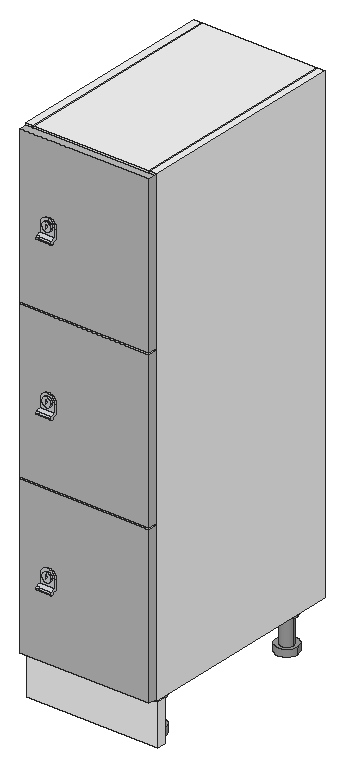
Revit family "1180H Locker Standard Door", category Casework, Revit 2016
Family settings
  OmniClass Number = 23.40.35.00
  OmniClass Title = Casework
  Work Plane-Based = No
  Always vertical = Yes
  Cut with Voids When Loaded = No
  Shared = No
  Room Calculation Point = No
Parameters (values of type "LW311S3ABNP")
  WarrantyGuarantorParts = "www.bisley.com"  # constant formula
  WarrantyGuarantorLabour = "www.bisley.com"  # constant formula
  WarrantyDurationUnit = "Years"  # constant formula
  WarrantyDurationParts = "5"  # constant formula
  WarrantyDurationLabour = "5"  # constant formula
  WarrantyDescription = "5 Years Parts & Labour"  # constant formula
  Uniclass2015Version = "3.1"  # constant formula
  Uniclass2015Title = "Lockers"  # constant formula
  Uniclass2015Code = "Pr_40_30_78_48"  # constant formula
  URL = "www.bisley.com"
  SustainabilityPerformance = "FSC Approved"  # constant formula
  SerialNumber = ""
  NominalWidth = Width  # 300 mm
  NominalLength = Depth  # 500 mm
  NominalHeight = Height  # 1180 mm
  Name = "1180H Standard Door"  # constant formula
  NBSReference = "45-35-80/380"  # constant formula
  NBSDescription = "General fittings, furnishings and equipment system"  # constant formula
  ModelReference = "LW311S3ABNP"
  Model = "Lockerwall"  # constant formula
  Material = "MFC"  # constant formula
  ManufacturerURL = "www.bisley.com"  # constant formula
  Manufacturer = "Bisley"  # constant formula
  ManufactureName = "Bisley"  # constant formula
  M3 Lock = no
  Foot [instance] = Foot 100 : Foot 100
  Finish = "Matt"  # constant formula
  E4 Lock = no
  DurationUnit = "Years"  # constant formula
  Depth = 500 mm
  Height = 1180 mm
  Width = 300 mm
  Carcass Material = "MFC"  # constant formula
  Author = "Bisley"  # constant formula
  AssetType = "Fixed"  # constant formula
  AB Lock = yes
Types (19, lengths in mm): name | NominalWidth | ModelReference | M3 Lock | E4 Lock | Width | AB Lock
  (no name) | 300 | "LW311S3ABNP" | no | no | 300 | yes
  LW311S3ABNP | 300 | "LW311S3ABNP" | no | no | 300 | yes
  LW311S3ABUK | 300 | "LW311S3ABUK" | no | no | 300 | yes
  LW311S3E4NP | 300 | "LW311S3E4NP" | no | yes | 300 | no
  LW311S3E4UK | 300 | "LW311S3E4UK" | no | yes | 300 | no
  LW311S3M3NP | 300 | "LW311S3M3NP" | yes | no | 300 | no
  LW311S3M3UK | 300 | "LW311S3M3UK" | yes | no | 300 | no
  LW411S3ABNP | 400 | "LW411S3ABNP" | no | no | 400 | yes
  LW411S3ABUK | 400 | "LW411S3ABUK" | no | no | 400 | yes
  LW411S3E4NP | 400 | "LW411S3E4NP" | no | yes | 400 | no
  LW411S3E4UK | 400 | "LW411S3E4UK" | no | yes | 400 | no
  LW411S3M3NP | 400 | "LW411S3M3NP" | yes | no | 400 | no
  LW411S3M3UK | 400 | "LW411S3M3UK" | yes | no | 400 | no
  LW511S3ABNP | 500 | "LW511S3ABNP" | no | no | 500 | yes
  LW511S3ABUK | 500 | "LW511S3ABUK" | no | no | 500 | yes
  LW511S3E4NP | 500 | "LW511S3E4NP" | no | yes | 500 | no
  LW511S3E4UK | 500 | "LW511S3E4UK" | no | yes | 500 | no
  LW511S3M3NP | 500 | "LW511S3M3NP" | yes | no | 500 | no
  LW511S3M3UK | 500 | "LW511S3M3UK" | yes | no | 500 | no
Reference planes
  plane 1 "Back": y = 0
  plane 2: z = 0
  plane 3 "Center (Left/Right)": x = 44.7
  plane 4 "Front": y = -500
  plane 5 "Left": x = -105.3
  plane 6 "Right": x = 194.7
  plane 7 "Top": z = 1180
  plane 8 "Base": z = 98
  plane 9 "Base Left": x = -87.3
  plane 10 "Base Right": x = 176.7
  plane 11: y = -482
  plane 12: y = -10.5
  plane 13: y = -29.5
  plane 14 "Back Base": z = 110.5
  plane 15: z = 1167.5
  plane 16: z = 95
  plane 17 "Plinth": y = -477
  plane 18: y = -459
  plane 19: z = 101
  plane 20: z = 457
  plane 21: z = 461
  plane 22: z = 817
  plane 23: z = 821
  plane 24: z = 1177
  plane 25: x = -103.3
  plane 26: x = 192.7
  plane 27 "Shelf 2": z = 810
  plane 28 "Shelf 1": z = 450
Forms (mm)
  Extrusion 1, solid, not visible
    sketch origin (-1691.73, 346.204, -12) x (1, 0, 0) y (0, 0, 1)
      loop
        line (48, 12) -> (56, 12) -> (56, 20) -> (48, 20) -> (48, 12)
    from 0 to 26
  Extrusion 2, solid, not visible
    sketch origin (-1683.73, 346.204, -12) x (-1, 0, 0) y (0, 0, -1)
      loop
        line (48, -12) -> (48, -20) -> (56, -20) -> (56, -12) -> (48, -12)
    from 0 to 26
  Extrusion 3, solid, not visible
    sketch origin (-1687.73, 350.204, -3.997) x (0, 1, 0) y (0, 0, 1)
      loop
        line (-26, 3.997) -> (-26, 11.997) -> (-34, 11.997) -> (-34, 3.997) -> (-26, 3.997)
    from -52 to 52
  Extrusion 4, solid, material "MFC 1"
    sketch origin (0, 0, 0) x (1, 0, 0) y (0, 1, 0)
      loop
        line (-105.3, -482) -> (-87.3, -482) -> (-87.3, 0) -> (-105.3, 0) -> (-105.3, -482)
    from 98 to 1180
  Extrusion 5, solid, material "MFC 1"
    sketch origin (0, 0, 98) x (-1, 0, 0) y (0, -1, 0)
      loop
        line (-176.7, 482) -> (-194.7, 482) -> (-194.7, 0) -> (-176.7, 0) -> (-176.7, 482)
    from 0 to 1082
  Extrusion 6, solid, material "MFC 1"
    sketch origin (0, 0, 98) x (-1, 0, 0) y (0, -1, 0)
      loop
        line (87.3, 482) -> (-176.7, 482) -> (-176.7, 0) -> (87.3, 0) -> (87.3, 482)
    from 0 to 18
  Extrusion 7, void
    sketch origin (176.7, 0, 0) x (0, 1, 0) y (0, 0, 1)
      loop
        line (-29.5, 110.5) -> (-10.5, 110.5) -> (-10.5, 116) -> (-29.5, 116) -> (-29.5, 110.5)
    from 0 to -264
  Extrusion 8, solid, material "MFC 1"
    sketch origin (0, 0, 1180) x (0, -1, 0) y (1, 0, 0)
      loop
        line (482, -87.3) -> (482, 176.7) -> (0, 176.7) -> (0, -87.3) -> (482, -87.3)
    from 0 to -15.5
  Extrusion 9, void
    sketch origin (176.7, 0, 0) x (0, 1, 0) y (0, 0, 1)
      loop
        line (-29.5, 1164.5) -> (-10.5, 1164.5) -> (-10.5, 1167.5) -> (-29.5, 1167.5) -> (-29.5, 1164.5)
    from 0 to -264
  Extrusion 10, solid, material "MFC 1"
    sketch origin (0, 0, 110.5) x (0, -1, 0) y (1, 0, 0)
      loop
        line (29.5, -87.3) -> (29.5, 176.7) -> (10.5, 176.7) -> (10.5, -87.3) -> (29.5, -87.3)
    from 0 to 1057
  Extrusion 11, solid, material "MFC 1"
    sketch origin (0, 0, 0) x (1, 0, 0) y (0, 1, 0)
      loop
        line (-105.3, -477) -> (194.7, -477) -> (194.7, -459) -> (-105.3, -459) -> (-105.3, -477)
    from 0 to 95
  Extrusion 12, solid, material "MFC 2"
    sketch origin (0, -500, 0) x (1, 0, 0) y (0, 0, 1)
      loop
        line (-103.3, 821) -> (192.7, 821) -> (192.7, 1177) -> (-103.3, 1177) -> (-103.3, 821)
    from 0 to -18
  Extrusion 13, solid, material "MFC 2"
    sketch origin (0, -500, 0) x (1, 0, 0) y (0, 0, 1)
      loop
        line (-103.3, 461) -> (192.7, 461) -> (192.7, 817) -> (-103.3, 817) -> (-103.3, 461)
    from 0 to -18
  Extrusion 14, solid, material "MFC 2"
    sketch origin (0, -500, 0) x (1, 0, 0) y (0, 0, 1)
      loop
        line (-103.3, 101) -> (192.7, 101) -> (192.7, 457) -> (-103.3, 457) -> (-103.3, 101)
    from 0 to -18
  Extrusion 15, solid, material "MFC 1"
    sketch origin (0, 0, 450) x (-1, 0, 0) y (0, -1, 0)
      loop
        line (87.3, 482) -> (-176.7, 482) -> (-176.7, 29.5) -> (87.3, 29.5) -> (87.3, 482)
    from 0 to 18
  Extrusion 16, solid, material "MFC 1"
    sketch origin (0, 0, 810) x (-1, 0, 0) y (0, -1, 0)
      loop
        line (87.3, 482) -> (-176.7, 482) -> (-176.7, 29.5) -> (87.3, 29.5) -> (87.3, 482)
    from 0 to 18
Cuts and joins
  Extrusion 7, Extrusion 9 cuts Extrusion 5
  Extrusion 7 cuts Extrusion 6
  Extrusion 9 cuts Extrusion 4
  Extrusion 9 cuts Extrusion 8
Dimensions and locks
  "Width": plane 6 "Right" to plane 5 "Left"
  equal spacing: plane 6 "Right", plane 3 "Center (Left/Right)", plane 5 "Left"
  "Depth": plane 4 "Front" to plane 1 "Back"
  "Height": level to plane 7 "Top"
  locked: plane 5 "Left" to plane 9 "Base Left" at 18
  locked: plane 10 "Base Right" to plane 6 "Right" at 18
  locked: plane 7 "Top" to plane 15 at 12.5
  Extrusion 10 to plane 1 "Back" = 10.5 mm
  locked: nested 1 to plane 6 "Right" at 68
  locked: nested 2 to plane 6 "Right" at 68
  locked: plane 1 "Back" to nested 3 at 79.5
  locked: plane 11 to plane 4 "Front" at 18
  locked: plane 17 "Plinth" to plane 4 "Front" at 23
  locked: plane 18 to plane 4 "Front" at 41
  locked: nested 1 to plane 4 "Front" at 91
  locked: plane 5 "Left" to nested 4 at 68
  locked: plane 5 "Left" to nested 3 at 68
  locked: plane 4 "Front" to nested 4 at 91
  locked: plane 6 "Right" to plane 26 at 2
  locked: plane 25 to plane 5 "Left" at 2
  locked: plane 5 "Left" to nested 7 at 51
  locked: plane 5 "Left" to nested 6 at 51
  locked: plane 5 "Left" to nested 5 at 51
  locked: plane 5 "Left" to nested 10 at 40.5
  locked: plane 5 "Left" to nested 9 at 40.5
  locked: plane 5 "Left" to nested 8 at 40.5
  locked: plane 5 "Left" to nested 13 at 54.3
  locked: plane 5 "Left" to nested 12 at 54.3
  locked: plane 5 "Left" to nested 11 at 54.3
  aligned and locked: level to plane 2
  aligned and locked: Extrusion 4 sketch curve to plane 11
  aligned and locked: Extrusion 4 sketch curve to plane 5 "Left"
  aligned and locked: Extrusion 4 sketch curve to plane 1 "Back"
  aligned and locked: plane 9 "Base Left" to Extrusion 4 sketch curve
  aligned and locked: Extrusion 4 to plane 8 "Base"
  aligned and locked: Extrusion 4 to plane 7 "Top"
  aligned and locked: Extrusion 5 sketch curve to plane 11
  aligned and locked: Extrusion 5 sketch curve to plane 10 "Base Right"
  aligned and locked: Extrusion 5 sketch curve to plane 1 "Back"
  aligned and locked: plane 6 "Right" to Extrusion 5 sketch curve
  aligned and locked: Extrusion 5 to plane 7 "Top"
  aligned and locked: Extrusion 5 to plane 8 "Base"
  aligned and locked: Extrusion 4 to Extrusion 6 sketch curve
  aligned and locked: Extrusion 6 sketch curve to Extrusion 4
  aligned and locked: Extrusion 5 to Extrusion 6 sketch curve
  aligned and locked: Extrusion 6 sketch curve to Extrusion 5
  aligned and locked: plane 6 "Right" to Extrusion 5
  aligned and locked: Extrusion 7 to plane 9 "Base Left"
  aligned and locked: plane 10 "Base Right" to Extrusion 7
  aligned and locked: Extrusion 8 sketch curve to cut or joined group of Extrusion 6, Extrusion 7  (x2)
  aligned and locked: Extrusion 8 sketch curve to Extrusion 4
  aligned and locked: Extrusion 8 sketch curve to cut or joined group of Extrusion 5, Extrusion 7, Extrusion 9
  aligned and locked: plane 15 to Extrusion 9 sketch curve
  aligned and locked: Extrusion 10 sketch curve to cut or joined group of Extrusion 6, Extrusion 7  (x2)
  aligned and locked: cut or joined group of Extrusion 6, Extrusion 7 to Extrusion 10 sketch curve  (x2)
  aligned and locked: Extrusion 10 to plane 14 "Back Base"
  aligned and locked: plane 15 to Extrusion 10
  aligned and locked: Extrusion 9 to plane 9 "Base Left"
  aligned and locked: Extrusion 11 sketch curve to plane 17 "Plinth"
  aligned and locked: Extrusion 11 sketch curve to plane 5 "Left"
  aligned and locked: plane 18 to Extrusion 11 sketch curve
  aligned and locked: plane 6 "Right" to Extrusion 11 sketch curve
  aligned and locked: Extrusion 11 to plane 5 "Left"
  aligned and locked: plane 6 "Right" to Extrusion 11
  aligned and locked: Extrusion 5 to plane 11
  aligned and locked: Extrusion 4 to plane 11
  aligned and locked: Extrusion 12 to plane 25
  aligned and locked: plane 26 to Extrusion 12
  aligned and locked: Extrusion 12 to plane 23
  aligned and locked: plane 24 to Extrusion 12
  aligned and locked: Extrusion 13 sketch curve to plane 21
  aligned and locked: Extrusion 13 sketch curve to plane 25
  aligned and locked: plane 22 to Extrusion 13 sketch curve
  aligned and locked: plane 26 to Extrusion 13 sketch curve
  aligned and locked: Extrusion 14 sketch curve to plane 19
  aligned and locked: Extrusion 14 sketch curve to plane 25
  aligned and locked: plane 20 to Extrusion 14 sketch curve
  aligned and locked: plane 26 to Extrusion 14 sketch curve
  aligned and locked: Extrusion 15 sketch curve to cut or joined group of Extrusion 6, Extrusion 7  (x2)
  aligned and locked: cut or joined group of Extrusion 6, Extrusion 7 to Extrusion 15 sketch curve
  aligned and locked: nested 2 to Extrusion 15 sketch curve
  aligned and locked: Extrusion 16 sketch curve to cut or joined group of Extrusion 6, Extrusion 7  (x2)
  aligned and locked: cut or joined group of Extrusion 6, Extrusion 7 to Extrusion 16 sketch curve
  aligned and locked: nested 2 to Extrusion 16 sketch curve
Automatic sketch dimensions
  Extrusion 1 sketch curve to Extrusion 1 sketch curve = 8 mm  (x2)
  Extrusion 2 sketch curve to Extrusion 2 sketch curve = 8 mm  (x2)
  Extrusion 3 sketch curve to Extrusion 3 sketch curve = 8 mm  (x2)
  Extrusion 7 sketch curve to plane 13 = 0 mm
  Extrusion 7 sketch curve to plane 12 = 0 mm
  Extrusion 7 sketch curve to plane 14 "Back Base" = 0 mm
  Extrusion 7 sketch curve to Extrusion 7 sketch curve = 5.5 mm
  Extrusion 9 sketch curve to plane 13 = 0 mm
  Extrusion 9 sketch curve to plane 12 = 0 mm
  Extrusion 9 sketch curve to Extrusion 9 sketch curve = 3 mm
  plane 24 to Extrusion 12 sketch curve = 0 mm
  Extrusion 12 sketch curve to plane 25 = 0 mm
  plane 26 to Extrusion 12 sketch curve = 0 mm
  Extrusion 12 sketch curve to plane 23 = 0 mm
Nested families
  nested 1: "Foot 100" at (196.401, -409, 0) x (-1, 0, 0) z (0, 0, 1), type "Foot 100"
  nested 2: "Foot 100" at (196.401, -29.5, 0) x (-1, 0, 0) z (0, 0, 1), type "Foot 100"
  nested 3: "Foot 100" at (-107, -29.5, 0), type "Foot 100"
  nested 4: "Foot 100" at (-107, -409, 0), type "Foot 100"
  nested 5: "AB Lock" at (-82, -500, 253), visible <- "AB Lock", type "AB Lock"
  nested 6: "AB Lock" at (-82, -500, 613), visible <- "AB Lock", type "AB Lock"
  nested 7: "AB Lock" at (-82, -500, 973), visible <- "AB Lock", type "AB Lock"
  nested 8: "M3 Lock" at (-93, -500, 256), visible <- "M3 Lock", type "M3 Lock"
  nested 9: "M3 Lock" at (-93, -500, 616), visible <- "M3 Lock", type "M3 Lock"
  nested 10: "M3 Lock" at (-93, -500, 976), visible <- "M3 Lock", type "M3 Lock"
  nested 11: "E4 Lock" at (-83, -500, 265), visible <- "E4 Lock", type "E4 Lock"
  nested 12: "E4 Lock" at (-83, -500, 625), visible <- "E4 Lock", type "E4 Lock"
  nested 13: "E4 Lock" at (-83, -500, 985), visible <- "E4 Lock", type "E4 Lock"
Definition of nested family "Foot 100"
  Parameters (values of type "Foot 100")
    WarrantyGuarantorParts = "www.bisley.com"  # constant formula
    WarrantyGuarantorLabour = "www.bisley.com"  # constant formula
    WarrantyDurationUnit = "Years"  # constant formula
    WarrantyDurationParts = "5"  # constant formula
    WarrantyDurationLabour = "5"  # constant formula
    WarrantyDescription = "5 Years Parts & Labour"  # constant formula
    Uniclass2015Version = ""
    Uniclass2015Title = ""
    Uniclass2015Code = ""
    URL = "www.bisley.com"
    SustainabilityPerformance = "FSC Approved"  # constant formula
    SerialNumber = ""
    NominalWidth = Width  # 50 mm
    NominalLength = Depth  # 50 mm
    NominalHeight = Height  # 900 mm
    Name = ""
    NBSReference = ""
    NBSDescription = "General fittings, furnishings and equipment system"  # constant formula
    ModelReference = ""
    Model = "Abode"  # constant formula
    Material = "MFC"  # constant formula
    ManufacturerURL = "www.bisley.com"  # constant formula
    Manufacturer = "Bisley"  # constant formula
    ManufactureName = "Bisley"  # constant formula
    Finish = "Matt"  # constant formula
    ExpectedLife = "25"  # constant formula
    DurationUnit = "Years"  # constant formula
    Depth = 50 mm
    Height = 900 mm
    Width = 50 mm
    Carcass Material = "MFC"  # constant formula
    Author = "Bisley"  # constant formula
    AssetType = "Fixed"  # constant formula
  Reference planes
    plane 1 "Back": y = 0
    plane 2: z = 0
    plane 3 "Center (Left/Right)": x = 44.7
    plane 4 "Front": y = -50
    plane 5 "Left": x = 19.7
    plane 6 "Right": x = 69.7
    plane 7 "Top": z = 900
    plane 8: y = -25
    plane 9 "Foot top": z = 98
    plane 10: y = 0
    plane 11: y = -50
    plane 12: x = 19.7
    plane 13: x = 69.7
    plane 14: x = 24.7
    plane 15: y = -5
  Forms (mm)
    Extrusion 1, solid, not visible
      sketch origin (-1691.73, 346.204, -12) x (1, 0, 0) y (0, 0, 1)
        loop
          line (48, 12) -> (56, 12) -> (56, 20) -> (48, 20) -> (48, 12)
      from 0 to 26
    Extrusion 2, solid, not visible
      sketch origin (-1683.73, 346.204, -12) x (-1, 0, 0) y (0, 0, -1)
        loop
          line (48, -12) -> (48, -20) -> (56, -20) -> (56, -12) -> (48, -12)
      from 0 to 26
    Extrusion 3, solid, not visible
      sketch origin (-1687.73, 350.204, -3.997) x (0, 1, 0) y (0, 0, 1)
        loop
          line (-26, 3.997) -> (-26, 11.997) -> (-34, 11.997) -> (-34, 3.997) -> (-26, 3.997)
      from -52 to 52
    Extrusion 4, solid
      sketch origin (0, 275, 0) x (1, 0, 0) y (0, 1, 0)
        loop
          circle (44.7, -300) r 25
      from 0 to 15
    Extrusion 5, solid
      sketch origin (0, 275, 0) x (1, 0, 0) y (0, 1, 0)
        loop
          circle (44.7, -300) r 15
      from 15 to 78
    Extrusion 6, solid
      sketch origin (0, 275, 0) x (1, 0, 0) y (0, 1, 0)
        loop
          circle (44.7, -300) r 25
      from 78 to 98
    Extrusion 7, solid
      sketch origin (0, 275, 98) x (-1, 0, 0) y (0, -1, 0)
        loop
          line (-19.7, 325) -> (-69.7, 325) -> (-69.7, 275) -> (-19.7, 275) -> (-19.7, 325)
      from 0 to -10
    Extrusion 8, void
      sketch origin (0, 275, 98) x (-1, 0, 0) y (0, -1, 0)
        loop
          circle (-24.7, 280) r 2.5
      from 0 to -10
    Extrusion 9, void
      sketch origin (89.401, 275, 98) x (1, 0, 0) y (0, 1, 0)
        loop
          circle (-24.7, -280) r 2.5
      from 0 to -10
    Extrusion 10, void
      sketch origin (0, -325, 98) x (-1, 0, 0) y (0, -1, 0)
        loop
          circle (-24.7, -280) r 2.5
      from 0 to -10
    Extrusion 11, void
      sketch origin (89.401, -325, 98) x (1, 0, 0) y (0, 1, 0)
        loop
          circle (-24.7, 280) r 2.5
      from 0 to -10
  Cuts and joins
    Extrusion 8, Extrusion 9, Extrusion 10, Extrusion 11 cuts Extrusion 4
    Extrusion 8, Extrusion 9, Extrusion 10, Extrusion 11 cuts Extrusion 5
    Extrusion 8, Extrusion 9, Extrusion 10, Extrusion 11 cuts Extrusion 6
    Extrusion 8, Extrusion 9, Extrusion 10, Extrusion 11 cuts Extrusion 7
    joined: Extrusion 4, Extrusion 5, Extrusion 6, Extrusion 7
  Dimensions and locks
    "Width": plane 6 "Right" to plane 5 "Left"
    equal spacing: plane 6 "Right", plane 3 "Center (Left/Right)", plane 5 "Left"
    "Depth": plane 4 "Front" to plane 1 "Back"
    "Height": level to plane 7 "Top"
    aligned and locked: level to plane 2
    aligned and locked: Extrusion 5 to Extrusion 4
    aligned and locked: Extrusion 4 to level
    aligned and locked: Extrusion 6 to Extrusion 5
    aligned and locked: plane 9 "Foot top" to Extrusion 6
  Automatic sketch dimensions
    Extrusion 1 sketch curve to Extrusion 1 sketch curve = 8 mm  (x2)
    Extrusion 2 sketch curve to Extrusion 2 sketch curve = 8 mm  (x2)
    Extrusion 3 sketch curve to Extrusion 3 sketch curve = 8 mm  (x2)
    Extrusion 4 sketch curve to plane 3 "Center (Left/Right)" = 0 mm
    plane 8 to Extrusion 4 sketch curve = 0 mm
    Extrusion 5 sketch curve to plane 3 "Center (Left/Right)" = 0 mm
    plane 8 to Extrusion 5 sketch curve = 0 mm
    Extrusion 6 sketch curve to plane 3 "Center (Left/Right)" = 0 mm
    plane 8 to Extrusion 6 sketch curve = 0 mm
    Extrusion 7 sketch curve to plane 11 = 0 mm
    Extrusion 7 sketch curve to plane 13 = 0 mm
    plane 10 to Extrusion 7 sketch curve = 0 mm
    Extrusion 7 sketch curve to plane 12 = 0 mm
    Extrusion 8 sketch curve to plane 14 = 0 mm
    Extrusion 8 sketch curve to plane 15 = 0 mm
    plane 15 to Extrusion 9 sketch curve = 0 mm
    plane 13 to Extrusion 9 sketch curve = 5 mm
    Extrusion 10 sketch curve to plane 14 = 0 mm
    Extrusion 10 sketch curve to plane 11 = 5 mm
    Extrusion 11 sketch curve to plane 13 = 5 mm
    plane 11 to Extrusion 11 sketch curve = 5 mm
    radius of Extrusion 4 sketch curve = 25 mm
    radius of Extrusion 5 sketch curve = 15 mm
    radius of Extrusion 6 sketch curve = 25 mm
    radius of Extrusion 8 sketch curve = 2.5 mm
    radius of Extrusion 9 sketch curve = 2.5 mm
    radius of Extrusion 10 sketch curve = 2.5 mm
    radius of Extrusion 11 sketch curve = 2.5 mm
Definition of nested family "AB Lock"
  Parameters (values of type "AB Lock")
    WarrantyGuarantorParts = "www.bisley.com"  # constant formula
    WarrantyGuarantorLabour = "www.bisley.com"  # constant formula
    WarrantyDurationUnit = "Years"  # constant formula
    WarrantyDurationParts = "5"  # constant formula
    WarrantyDurationLabour = "5"  # constant formula
    WarrantyDescription = "5 Years Parts & Labour"  # constant formula
    Uniclass2015Version = ""
    Uniclass2015Title = ""
    Uniclass2015Code = ""
    URL = "www.bisley.com"
    SustainabilityPerformance = "FSC Approved"  # constant formula
    SerialNumber = ""
    NominalWidth = Width  # 34 mm
    NominalLength = Depth  # 15 mm
    NominalHeight = Height  # 45 mm
    Name = ""
    NBSReference = ""
    NBSDescription = "General fittings, furnishings and equipment system"  # constant formula
    ModelReference = ""
    Model = "Abode"  # constant formula
    Material = "MFC"  # constant formula
    ManufacturerURL = "www.bisley.com"  # constant formula
    Manufacturer = "Bisley"  # constant formula
    ManufactureName = "Bisley"  # constant formula
    Finish = "Matt"  # constant formula
    ExpectedLife = "25"  # constant formula
    DurationUnit = "Years"  # constant formula
    Depth = 15 mm
    Height = 45 mm
    Width = 34 mm
    Carcass Material = "MFC"  # constant formula
    Author = "Bisley"  # constant formula
    AssetType = "Fixed"  # constant formula
  Reference planes
    plane 1 "Back": y = 0
    plane 2: z = 0
    plane 3 "Center (Left/Right)": x = 44.7
    plane 4 "Front": y = -15
    plane 5 "Left": x = 27.7
    plane 6 "Right": x = 61.7
    plane 7 "Top": z = 45
    plane 8: z = 28
    plane 9: z = 3
    plane 10: x = 31.2
    plane 11: x = 58.2
    plane 12: z = 6
    plane 13: y = -12
    plane 14: z = 10
    plane 15 "Lockback": y = -3
    plane 16: x = 43.2
    plane 17: x = 46.2
    plane 18: z = 32
    plane 19: z = 24
  Forms (mm)
    Extrusion 1, solid, not visible
      sketch origin (-1691.73, 346.204, -12) x (1, 0, 0) y (0, 0, 1)
        loop
          line (48, 12) -> (56, 12) -> (56, 20) -> (48, 20) -> (48, 12)
      from 0 to 26
    Extrusion 2, solid, not visible
      sketch origin (-1683.73, 346.204, -12) x (-1, 0, 0) y (0, 0, -1)
        loop
          line (48, -12) -> (48, -20) -> (56, -20) -> (56, -12) -> (48, -12)
      from 0 to 26
    Extrusion 3, solid, not visible
      sketch origin (-1687.73, 350.204, -3.997) x (0, 1, 0) y (0, 0, 1)
        loop
          line (-26, 3.997) -> (-26, 11.997) -> (-34, 11.997) -> (-34, 3.997) -> (-26, 3.997)
      from -52 to 52
    Extrusion 4, solid
      sketch origin (0, 0, 0) x (1, 0, 0) y (0, 0, 1)
        loop
          line (27.7, 28) -> (27.7, 6) -> (61.7, 6) -> (61.7, 28)
          arc (61.7, 28) -> (44.7, 45) -> (27.7, 28) r 17
      from 0 to 3
    Extrusion 5, solid
      sketch origin (27.7, 0, 0) x (0, 1, 0) y (0, 0, 1)
        loop
          circle (-12, 3) r 3
      from 0 to 34
    Extrusion 6, solid
      sketch origin (27.7, 0, 0) x (0, 1, 0) y (0, 0, 1)
        loop
          line (0, 6) -> (-3, 10)
          arc (-3, 10) -> (-7.815, 8.71) -> (-12, 6) r 16
          arc (-12, 6) -> (-9.879, 5.121) -> (-9, 3) r 3
          arc (-9, 3) -> (-4.809, 5.427) -> (0, 6) r 12
      from 0 to 34
    Extrusion 7, void
      sketch origin (27.7, 0, 0) x (0, 1, 0) y (0, 0, 1)
        loop
          line (-3, 10) -> (-3, 6) -> (0, 6) -> (-3, 10)
      from 0 to 34
    Extrusion 8, solid
      sketch origin (0, -3, 0) x (-1, 0, 0) y (0, 0, 1)
        loop
          circle (-44.7, 28) r 10.5
      from 0 to -3
    Extrusion 9, void
      sketch origin (0, -3, 0) x (-1, 0, 0) y (0, 0, 1)
        loop
          line (-43.2, 24) -> (-43.2, 32) -> (-46.2, 32) -> (-46.2, 24) -> (-43.2, 24)
      from 0 to -3
  Cuts and joins
    Extrusion 7, Extrusion 9 cuts Extrusion 4
    Extrusion 9 cuts Extrusion 5
    Extrusion 9 cuts Extrusion 6
    joined: Extrusion 4, Extrusion 5, Extrusion 6
    Extrusion 9 cuts Extrusion 8
  Lines and regions (mm)
    reference lines
      curve 1: arc (27.7, 0, 6) -> (27.7, -4.809, 5.427) -> (27.7, -9, 3) r 12
      curve 2: arc (27.7, -3, 10) -> (27.7, -7.815, 8.71) -> (27.7, -12, 6) r 16
  Dimensions and locks
    "Width": plane 6 "Right" to plane 5 "Left"
    equal spacing: plane 6 "Right", plane 3 "Center (Left/Right)", plane 5 "Left"
    "Depth": plane 4 "Front" to plane 1 "Back"
    "Height": level to plane 7 "Top"
    aligned and locked: level to plane 2
  Automatic sketch dimensions
    Extrusion 1 sketch curve to Extrusion 1 sketch curve = 8 mm  (x2)
    Extrusion 2 sketch curve to Extrusion 2 sketch curve = 8 mm  (x2)
    Extrusion 3 sketch curve to Extrusion 3 sketch curve = 8 mm  (x2)
    Extrusion 4 sketch curve to plane 5 "Left" = 0 mm
    Extrusion 4 sketch curve to plane 6 "Right" = 0 mm
    Extrusion 4 sketch curve to plane 12 = 0 mm
    Extrusion 4 sketch curve to plane 8 = 0 mm
    Extrusion 5 sketch curve to plane 9 = 0 mm
    Extrusion 5 sketch curve to plane 13 = 0 mm
    curve 2 to plane 12 = 0 mm
    curve 2 to plane 13 = 0 mm
    curve 1 to plane 9 = 0 mm
    plane 14 to curve 2 = 0 mm
    curve 1 to plane 1 "Back" = 0 mm
    curve 1 to plane 12 = 0 mm
    plane 1 "Back" to curve 2 = 1.317 mm
    curve 2 to curve 1 = 0.303 mm
    curve 2 to level = 5.911 mm
    curve 1 to curve 2 = 0.046 mm
    Extrusion 6 sketch curve to plane 12 = 0 mm  (x2)
    Extrusion 6 sketch curve to plane 13 = 0 mm
    Extrusion 6 sketch curve to plane 9 = 0 mm
    plane 14 to Extrusion 6 sketch curve = 0 mm
    Extrusion 6 sketch curve to plane 1 "Back" = 0 mm
    plane 1 "Back" to Extrusion 6 sketch curve = 3 mm
    plane 1 "Back" to Extrusion 6 sketch curve = 1.317 mm
    Extrusion 6 sketch curve to Extrusion 6 sketch curve = 0.303 mm
    Extrusion 7 sketch curve to plane 12 = 0 mm
    plane 14 to Extrusion 7 sketch curve = 0 mm
    Extrusion 7 sketch curve to plane 1 "Back" = 0 mm
    plane 1 "Back" to Extrusion 7 sketch curve = 3 mm
    Extrusion 8 sketch curve to plane 3 "Center (Left/Right)" = 0 mm
    Extrusion 8 sketch curve to plane 8 = 0 mm
    Extrusion 9 sketch curve to plane 17 = 0 mm
    Extrusion 9 sketch curve to plane 16 = 0 mm
    Extrusion 9 sketch curve to plane 19 = 0 mm
    Extrusion 9 sketch curve to plane 18 = 0 mm
    radius of Extrusion 5 sketch curve = 3 mm
    radius of Extrusion 8 sketch curve = 10.5 mm
Definition of nested family "M3 Lock"
  Parameters (values of type "M3 Lock")
    WarrantyGuarantorParts = "www.bisley.com"  # constant formula
    WarrantyGuarantorLabour = "www.bisley.com"  # constant formula
    WarrantyDurationUnit = "Years"  # constant formula
    WarrantyDurationParts = "5"  # constant formula
    WarrantyDurationLabour = "5"  # constant formula
    WarrantyDescription = "5 Years Parts & Labour"  # constant formula
    Uniclass2015Version = ""
    Uniclass2015Title = ""
    Uniclass2015Code = ""
    URL = "www.bisley.com"
    SustainabilityPerformance = "FSC Approved"  # constant formula
    SerialNumber = ""
    NominalWidth = Width  # 33 mm
    NominalLength = Depth  # 21.5 mm
    NominalHeight = Height  # 83.5 mm
    Name = ""
    NBSReference = ""
    NBSDescription = "General fittings, furnishings and equipment system"  # constant formula
    ModelReference = ""
    Model = "Abode"  # constant formula
    Material = "MFC"  # constant formula
    ManufacturerURL = "www.bisley.com"  # constant formula
    Manufacturer = "Bisley"  # constant formula
    ManufactureName = "Bisley"  # constant formula
    Finish = "Matt"  # constant formula
    ExpectedLife = "25"  # constant formula
    DurationUnit = "Years"  # constant formula
    Depth = 21.5 mm
    Height = 83.5 mm
    Width = 33 mm
    Carcass Material = "MFC"  # constant formula
    Author = "Bisley"  # constant formula
    AssetType = "Fixed"  # constant formula
  Reference planes
    plane 1 "Back": y = 0
    plane 2: z = 0
    plane 3 "Center (Left/Right)": x = 44.7
    plane 4 "Front": y = -21.5
    plane 5 "Left": x = 28.2
    plane 6 "Right": x = 61.2
    plane 7 "Top": z = 83.5
    plane 8 "BackFront": y = -3.045
    plane 9: x = 32.2
    plane 10: z = 79.5
    plane 11: x = 57.2
    plane 12: z = 4
    plane 13: x = 32.2
    plane 14: x = 57.2
    plane 15 "Barrel Base": z = 30.5
    plane 16: x = 40.5
    plane 17: x = 48.9
    plane 18: y = -4.445
    plane 19: z = 74.5
    plane 20 "L4": z = 69.8
    plane 21: z = 64.9
    plane 22 "L3": z = 60.2
    plane 23: z = 55.3
    plane 24 "L2": z = 50.6
    plane 25: z = 45.7
    plane 26 "L1": z = 41
    plane 27: x = 38.2
    plane 28: x = 51.2
    plane 29: y = -4.945
    plane 30: z = 40.5
    plane 31 "l-1": z = 38.5
    plane 32: z = 16
    plane 33: y = -9.045
    plane 34 "Thumbturn": y = -19.5
    plane 35: x = 43.2
    plane 36: x = 46.2
    plane 37: z = 20
    plane 38: z = 12
  Forms (mm)
    Extrusion 1, solid, not visible
      sketch origin (-1691.73, 346.204, -12) x (1, 0, 0) y (0, 0, 1)
        loop
          line (48, 12) -> (56, 12) -> (56, 20) -> (48, 20) -> (48, 12)
      from 0 to 26
    Extrusion 2, solid, not visible
      sketch origin (-1683.73, 346.204, -12) x (-1, 0, 0) y (0, 0, -1)
        loop
          line (48, -12) -> (48, -20) -> (56, -20) -> (56, -12) -> (48, -12)
      from 0 to 26
    Extrusion 3, solid, not visible
      sketch origin (-1687.73, 350.204, -3.997) x (0, 1, 0) y (0, 0, 1)
        loop
          line (-26, 3.997) -> (-26, 11.997) -> (-34, 11.997) -> (-34, 3.997) -> (-26, 3.997)
      from -52 to 52
    Extrusion 4, solid
      sketch origin (0, 0, 0) x (1, 0, 0) y (0, 0, 1)
        loop
          line (28.2, 0) -> (61.2, 0) -> (61.2, 83.5) -> (28.2, 83.5) -> (28.2, 0)
      from 0 to 3
    Extrusion 5, void
      sketch origin (0, 0, 0) x (1, 0, 0) y (0, 0, 1)
        loop
          arc (28.2, 79.5) -> (29.372, 82.328) -> (32.2, 83.5) r 4
          line (32.2, 83.5) -> (28.2, 83.5) -> (28.2, 79.5)
      from 0 to 3
    Extrusion 6, void
      sketch origin (0, 0, 0) x (1, 0, 0) y (0, 0, 1)
        loop
          arc (57.2, 83.5) -> (60.029, 82.328) -> (61.2, 79.5) r 4
          line (61.2, 79.5) -> (61.2, 83.5) -> (57.2, 83.5)
      from 0 to 3
    Extrusion 7, void
      sketch origin (0, 0, 0) x (1, 0, 0) y (0, 0, 1)
        loop
          arc (32.2, 0) -> (29.372, 1.172) -> (28.2, 4) r 4
          line (28.2, 4) -> (28.2, 0) -> (32.2, 0)
      from 0 to 3
    Extrusion 8, void
      sketch origin (0, 0, 0) x (1, 0, 0) y (0, 0, 1)
        loop
          line (57.2, 0) -> (61.2, 0) -> (61.2, 4)
          arc (61.2, 4) -> (60.029, 1.172) -> (57.2, 0) r 4
      from 0 to 3
    Extrusion 9, solid
      sketch origin (0, 0, 30.5) x (-1, 0, 0) y (0, -1, 0)
        loop
          arc (-40.5, 3) -> (-44.7, 4.445) -> (-48.9, 3) r 6.827
          line (-48.9, 3) -> (-40.5, 3)
      from 0 to 49
    Extrusion 10, solid
      sketch origin (0, 0, 41) x (-1, 0, 0) y (0, -1, 0)
        loop
          arc (-38.2, 3) -> (-44.7, 4.945) -> (-51.2, 3) r 11.835
          line (-51.2, 3) -> (-38.2, 3)
      from 0 to 4.7
    Extrusion 11, solid
      sketch origin (0, 0, 50.6) x (-1, 0, 0) y (0, -1, 0)
        loop
          arc (-38.2, 3) -> (-44.7, 4.945) -> (-51.2, 3) r 11.835
          line (-51.2, 3) -> (-38.2, 3)
      from 0 to 4.7
    Extrusion 12, solid
      sketch origin (0, 0, 60.2) x (-1, 0, 0) y (0, -1, 0)
        loop
          arc (-38.2, 3) -> (-44.7, 4.945) -> (-51.2, 3) r 11.835
          line (-51.2, 3) -> (-38.2, 3)
      from 0 to 4.7
    Extrusion 13, solid
      sketch origin (0, 0, 69.8) x (-1, 0, 0) y (0, -1, 0)
        loop
          arc (-38.2, 3) -> (-44.7, 4.945) -> (-51.2, 3) r 11.835
          line (-51.2, 3) -> (-38.2, 3)
      from 0 to 4.7
    Extrusion 14, solid
      sketch origin (0, 0, 38.5) x (-1, 0, 0) y (0, -1, 0)
        loop
          arc (-38.2, 3) -> (-44.7, 4.945) -> (-51.2, 3) r 11.835
          line (-51.2, 3) -> (-38.2, 3)
      from 0 to 2
    Extrusion 15, solid
      sketch origin (0, -3.045, 0) x (-1, 0, 0) y (0, 0, 1)
        loop
          circle (-44.7, 16) r 14.25
      from 0 to -4
    Extrusion 16, solid
      sketch origin (0, -3.045, 0) x (-1, 0, 0) y (0, 0, 1)
        loop
          circle (-44.7, 16) r 12.7
      from 0 to -18.455
    Extrusion 17, void
      sketch origin (0, -21.5, 0) x (1, 0, 0) y (0, 0, 1)
        loop
          circle (44.7, 16) r 7.362
      from 0 to -1
    Extrusion 18, solid
      sketch origin (0, -21.5, 0) x (1, 0, 0) y (0, 0, 1)
        loop
          line (40.5, 29.617) -> (40.5, 27.985)
          arc (40.5, 27.985) -> (44.7, 28.7) -> (48.9, 27.985) r 12.7
          line (48.9, 27.985) -> (48.9, 29.617)
          arc (48.9, 29.617) -> (44.7, 30.25) -> (40.5, 29.617) r 14.25
      from 0 to -14.5
    Extrusion 19, solid
      sketch origin (0, -20.483, 0) x (1, 0, 0) y (0, 0, 1)
        loop
          circle (44.7, 16) r 13.48
      from 0 to -1.5
    Extrusion 20, void
      sketch origin (0, -21.5, 0) x (1, 0, 0) y (0, 0, 1)
        loop
          line (43.2, 12) -> (46.2, 12) -> (46.2, 20) -> (43.2, 20) -> (43.2, 12)
      from 0 to -10.5
  Cuts and joins
    Extrusion 5, Extrusion 6, Extrusion 7, Extrusion 8, Extrusion 17, Extrusion 20 cuts Extrusion 4
    Extrusion 17, Extrusion 20 cuts Extrusion 9
    Extrusion 17, Extrusion 20 cuts Extrusion 10
    Extrusion 17, Extrusion 20 cuts Extrusion 11
    Extrusion 17, Extrusion 20 cuts Extrusion 12
    Extrusion 17, Extrusion 20 cuts Extrusion 13
    Extrusion 17, Extrusion 20 cuts Extrusion 14
    Extrusion 17, Extrusion 20 cuts Extrusion 15
    Extrusion 17, Extrusion 20 cuts Extrusion 16
    Extrusion 20 cuts Extrusion 18
    Extrusion 20 cuts Extrusion 19
    joined: Extrusion 4, Extrusion 9, Extrusion 10, Extrusion 11, Extrusion 12, Extrusion 13, Extrusion 14, Extrusion 15, Extrusion 16, Extrusion 18, Extrusion 19
  Dimensions and locks
    "Width": plane 6 "Right" to plane 5 "Left"
    equal spacing: plane 6 "Right", plane 3 "Center (Left/Right)", plane 5 "Left"
    "Depth": plane 4 "Front" to plane 1 "Back"
    "Height": level to plane 7 "Top"
    aligned and locked: level to plane 2
    aligned and locked: plane 10 to Extrusion 9
    aligned and locked: Extrusion 9 to plane 15 "Barrel Base"
    aligned and locked: Extrusion 4 to plane 7 "Top"
    aligned and locked: plane 6 "Right" to Extrusion 4
    aligned and locked: Extrusion 4 to plane 5 "Left"
    aligned and locked: Extrusion 4 to level
  Automatic sketch dimensions
    Extrusion 1 sketch curve to Extrusion 1 sketch curve = 8 mm  (x2)
    Extrusion 2 sketch curve to Extrusion 2 sketch curve = 8 mm  (x2)
    Extrusion 3 sketch curve to Extrusion 3 sketch curve = 8 mm  (x2)
    Extrusion 4 sketch curve to plane 5 "Left" = 0 mm
    Extrusion 4 sketch curve to plane 6 "Right" = 0 mm
    Extrusion 4 sketch curve to level = 0 mm
    Extrusion 4 sketch curve to plane 7 "Top" = 0 mm
    Extrusion 5 sketch curve to plane 7 "Top" = 0 mm
    Extrusion 5 sketch curve to plane 9 = 0 mm
    Extrusion 5 sketch curve to plane 10 = 0 mm
    Extrusion 6 sketch curve to plane 7 "Top" = 0 mm  (x2)
    Extrusion 6 sketch curve to plane 11 = 0 mm
    Extrusion 6 sketch curve to plane 6 "Right" = 0 mm
    Extrusion 6 sketch curve to plane 10 = 0 mm
    Extrusion 7 sketch curve to level = 0 mm
    Extrusion 7 sketch curve to plane 5 "Left" = 0 mm
    plane 9 to Extrusion 7 sketch curve = 0 mm  (x2)
    Extrusion 7 sketch curve to plane 12 = 0 mm
    Extrusion 8 sketch curve to level = 0 mm
    plane 11 to Extrusion 8 sketch curve = 0 mm
    Extrusion 8 sketch curve to plane 12 = 0 mm
    Extrusion 9 sketch curve to plane 17 = 0 mm
    Extrusion 9 sketch curve to plane 16 = 0 mm
    Extrusion 9 sketch curve to plane 1 "Back" = 2.382 mm
    plane 8 "BackFront" to Extrusion 9 sketch curve = 0.045 mm
    Extrusion 10 sketch curve to plane 28 = 0 mm
    Extrusion 10 sketch curve to plane 27 = 0 mm
    Extrusion 10 sketch curve to plane 1 "Back" = 6.89 mm
    plane 8 "BackFront" to Extrusion 10 sketch curve = 0.045 mm
    Extrusion 11 sketch curve to plane 28 = 0 mm
    Extrusion 11 sketch curve to plane 27 = 0 mm
    Extrusion 11 sketch curve to plane 1 "Back" = 6.89 mm
    plane 8 "BackFront" to Extrusion 11 sketch curve = 0.045 mm
    Extrusion 12 sketch curve to plane 28 = 0 mm
    Extrusion 12 sketch curve to plane 27 = 0 mm
    Extrusion 12 sketch curve to plane 1 "Back" = 6.89 mm
    plane 8 "BackFront" to Extrusion 12 sketch curve = 0.045 mm
    Extrusion 13 sketch curve to plane 28 = 0 mm
    Extrusion 13 sketch curve to plane 27 = 0 mm
    Extrusion 13 sketch curve to plane 1 "Back" = 6.89 mm
    plane 8 "BackFront" to Extrusion 13 sketch curve = 0.045 mm
    Extrusion 14 sketch curve to plane 28 = 0 mm
    Extrusion 14 sketch curve to plane 27 = 0 mm
    Extrusion 14 sketch curve to plane 1 "Back" = 6.89 mm
    plane 8 "BackFront" to Extrusion 14 sketch curve = 0.045 mm
    Extrusion 15 sketch curve to plane 3 "Center (Left/Right)" = 0 mm
    Extrusion 15 sketch curve to plane 32 = 0 mm
    Extrusion 16 sketch curve to plane 3 "Center (Left/Right)" = 0 mm
    Extrusion 16 sketch curve to plane 32 = 0 mm
    Extrusion 17 sketch curve to plane 3 "Center (Left/Right)" = 0 mm
    Extrusion 17 sketch curve to plane 32 = 0 mm
    Extrusion 18 sketch curve to Extrusion 18 sketch curve = 0 mm  (x2)
    Extrusion 18 sketch curve to plane 16 = 0 mm
    Extrusion 18 sketch curve to plane 3 "Center (Left/Right)" = 0 mm
    Extrusion 18 sketch curve to plane 17 = 0 mm
    Extrusion 18 sketch curve to plane 32 = 0 mm
    Extrusion 18 sketch curve to plane 15 "Barrel Base" = 2.515 mm
    Extrusion 18 sketch curve to plane 15 "Barrel Base" = 0.883 mm
    Extrusion 19 sketch curve to plane 3 "Center (Left/Right)" = 0 mm
    Extrusion 19 sketch curve to plane 32 = 0 mm
    Extrusion 20 sketch curve to plane 35 = 0 mm
    Extrusion 20 sketch curve to plane 36 = 0 mm
    Extrusion 20 sketch curve to plane 38 = 0 mm
    Extrusion 20 sketch curve to plane 37 = 0 mm
    radius of Extrusion 15 sketch curve = 14.25 mm
    radius of Extrusion 16 sketch curve = 12.7 mm
    radius of Extrusion 17 sketch curve = 7.362 mm
    radius of Extrusion 19 sketch curve = 13.48 mm
Definition of nested family "E4 Lock"
  Parameters (values of type "E4 Lock")
    WarrantyGuarantorParts = "www.bisley.com"  # constant formula
    WarrantyGuarantorLabour = "www.bisley.com"  # constant formula
    WarrantyDurationUnit = "Years"  # constant formula
    WarrantyDurationParts = "5"  # constant formula
    WarrantyDurationLabour = "5"  # constant formula
    WarrantyDescription = "5 Years Parts & Labour"  # constant formula
    Uniclass2015Version = ""
    Uniclass2015Title = ""
    Uniclass2015Code = ""
    URL = "www.bisley.com"
    SustainabilityPerformance = "FSC Approved"  # constant formula
    SerialNumber = ""
    NominalWidth = Width  # 25.4 mm
    NominalLength = Depth  # 20.4 mm
    NominalHeight = Height  # 101 mm
    Name = ""
    NBSReference = ""
    NBSDescription = "General fittings, furnishings and equipment system"  # constant formula
    ModelReference = ""
    Model = "Abode"  # constant formula
    Material = "MFC"  # constant formula
    ManufacturerURL = "www.bisley.com"  # constant formula
    Manufacturer = "Bisley"  # constant formula
    ManufactureName = "Bisley"  # constant formula
    Finish = "Matt"  # constant formula
    ExpectedLife = "25"  # constant formula
    DurationUnit = "Years"  # constant formula
    Depth = 20.4 mm
    Height = 101 mm
    Width = 25.4 mm
    Carcass Material = "MFC"  # constant formula
    Author = "Bisley"  # constant formula
    AssetType = "Fixed"  # constant formula
  Reference planes
    plane 1 "Back": y = 0
    plane 2: z = 0
    plane 3 "Center (Left/Right)": x = 44.7
    plane 4 "Front": y = -20.4
    plane 5 "Left": x = 32
    plane 6 "Right": x = 57.4
    plane 7 "Top": z = 101
    plane 8 "Back Front": y = -13.4
    plane 9: x = 35
    plane 10: x = 54.4
    plane 11: x = 35
    plane 12: x = 54.4
    plane 13: z = 3
    plane 14: z = 98
    plane 15 "Numbers": y = -14.4
    plane 16: z = 94
    plane 17: z = 87
    plane 18: z = 84.5
    plane 19: z = 77.5
    plane 20: z = 75
    plane 21: z = 68
    plane 22: z = 65.5
    plane 23: z = 58.5
    plane 24: z = 56
    plane 25: z = 49
    plane 26: z = 46.5
    plane 27: z = 39.5
    plane 28: z = 37
    plane 29: z = 32
    plane 30: z = 5.5
    plane 31: z = 25
    plane 32: z = 23
    plane 33: x = 36
    plane 34: x = 53.4
    plane 35: x = 44.5
    plane 36: x = 44.9
    plane 37: x = 37.98
    plane 38: x = 51.4
    plane 39: z = 35.539
    plane 40: z = 33.5
    plane 41: z = 28.5
    plane 42: x = 41.287
    plane 43: x = 48.1
    plane 44: x = 39.98
    plane 45: x = 49.4
    plane 46: z = 21
    plane 47: z = 7.5
    plane 48: z = 14.25
  Forms (mm)
    Extrusion 1, solid, not visible
      sketch origin (-1691.73, 346.204, -12) x (1, 0, 0) y (0, 0, 1)
        loop
          line (48, 12) -> (56, 12) -> (56, 20) -> (48, 20) -> (48, 12)
      from 0 to 26
    Extrusion 2, solid, not visible
      sketch origin (-1683.73, 346.204, -12) x (-1, 0, 0) y (0, 0, -1)
        loop
          line (48, -12) -> (48, -20) -> (56, -20) -> (56, -12) -> (48, -12)
      from 0 to 26
    Extrusion 3, solid, not visible
      sketch origin (-1687.73, 350.204, -3.997) x (0, 1, 0) y (0, 0, 1)
        loop
          line (-26, 3.997) -> (-26, 11.997) -> (-34, 11.997) -> (-34, 3.997) -> (-26, 3.997)
      from -52 to 52
    Extrusion 4, solid
      sketch origin (0, 0, 0) x (1, 0, 0) y (0, 0, 1)
        loop
          line (32, 0) -> (57.4, 0) -> (57.4, 101) -> (32, 101) -> (32, 0)
      from 0 to 13.4
    Extrusion 5, void
      sketch origin (0, 0, 0) x (1, 0, 0) y (0, 0, 1)
        loop
          arc (32, 98) -> (32.879, 100.121) -> (35, 101) r 3
          line (35, 101) -> (32, 101) -> (32, 98)
      from 0 to 13.4
    Extrusion 6, void
      sketch origin (0, 0, 0) x (1, 0, 0) y (0, 0, 1)
        loop
          line (57.4, 98) -> (57.4, 101) -> (54.4, 101)
          arc (54.4, 101) -> (56.522, 100.121) -> (57.4, 98) r 3
      from 0 to 13.4
    Extrusion 7, void
      sketch origin (0, 0, 0) x (1, 0, 0) y (0, 0, 1)
        loop
          line (32, 3) -> (32, 0) -> (35, 0)
          arc (35, 0) -> (32.879, 0.879) -> (32, 3) r 3
      from 0 to 13.4
    Extrusion 8, void
      sketch origin (0, 0, 0) x (1, 0, 0) y (0, 0, 1)
        loop
          line (54.4, 0) -> (57.4, 0) -> (57.4, 3)
          arc (57.4, 3) -> (56.522, 0.879) -> (54.4, 0) r 3
      from 0 to 13.4
    Extrusion 9, solid
      sketch origin (0, -13.4, 0) x (-1, 0, 0) y (0, 0, 1)
        loop
          line (-36, 87) -> (-36, 94) -> (-44.5, 94) -> (-44.5, 87) -> (-36, 87)
      from 0 to -1
    Extrusion 10, solid
      sketch origin (0, -13.4, 0) x (-1, 0, 0) y (0, 0, 1)
        loop
          line (-44.9, 87) -> (-44.9, 94) -> (-53.4, 94) -> (-53.4, 87) -> (-44.9, 87)
      from 0 to -1
    Extrusion 11, solid
      sketch origin (0, -13.4, -9.5) x (-1, 0, 0) y (0, 0, 1)
        loop
          line (-36, 87) -> (-36, 94) -> (-44.5, 94) -> (-44.5, 87) -> (-36, 87)
      from 0 to -1
    Extrusion 12, solid
      sketch origin (0, -13.4, -9.5) x (-1, 0, 0) y (0, 0, 1)
        loop
          line (-44.9, 87) -> (-44.9, 94) -> (-53.4, 94) -> (-53.4, 87) -> (-44.9, 87)
      from 0 to -1
    Extrusion 13, solid
      sketch origin (0, -13.4, -19) x (-1, 0, 0) y (0, 0, 1)
        loop
          line (-36, 87) -> (-36, 94) -> (-44.5, 94) -> (-44.5, 87) -> (-36, 87)
      from 0 to -1
    Extrusion 14, solid
      sketch origin (0, -13.4, -19) x (-1, 0, 0) y (0, 0, 1)
        loop
          line (-44.9, 87) -> (-44.9, 94) -> (-53.4, 94) -> (-53.4, 87) -> (-44.9, 87)
      from 0 to -1
    Extrusion 15, solid
      sketch origin (0, -13.4, -28.5) x (-1, 0, 0) y (0, 0, 1)
        loop
          line (-36, 87) -> (-36, 94) -> (-44.5, 94) -> (-44.5, 87) -> (-36, 87)
      from 0 to -1
    Extrusion 16, solid
      sketch origin (0, -13.4, -28.5) x (-1, 0, 0) y (0, 0, 1)
        loop
          line (-44.9, 87) -> (-44.9, 94) -> (-53.4, 94) -> (-53.4, 87) -> (-44.9, 87)
      from 0 to -1
    Extrusion 17, solid
      sketch origin (0, -13.4, -38) x (-1, 0, 0) y (0, 0, 1)
        loop
          line (-36, 87) -> (-36, 94) -> (-44.5, 94) -> (-44.5, 87) -> (-36, 87)
      from 0 to -1
    Extrusion 18, solid
      sketch origin (0, -13.4, -38) x (-1, 0, 0) y (0, 0, 1)
        loop
          line (-44.9, 87) -> (-44.9, 94) -> (-53.4, 94) -> (-53.4, 87) -> (-44.9, 87)
      from 0 to -1
    Extrusion 19, solid
      sketch origin (0, -13.4, -47.5) x (-1, 0, 0) y (0, 0, 1)
        loop
          line (-36, 87) -> (-36, 94) -> (-44.5, 94) -> (-44.5, 87) -> (-36, 87)
      from 0 to -1
    Extrusion 20, solid
      sketch origin (0, -13.4, -47.5) x (-1, 0, 0) y (0, 0, 1)
        loop
          line (-44.9, 87) -> (-44.9, 94) -> (-53.4, 94) -> (-53.4, 87) -> (-44.9, 87)
      from 0 to -1
    Extrusion 21, solid
      sketch origin (0, -14.4, 0) x (-1, 0, 0) y (0, 0, 1)
        loop
          line (-37.98, 33.5) -> (-37.98, 35.539) -> (-51.4, 35.539) -> (-51.4, 33.5) -> (-37.98, 33.5)
      from 0 to 1
    Extrusion 22, solid
      sketch origin (0, -14.4, 0) x (-1, 0, 0) y (0, 0, 1)
        loop
          line (-37.98, 25) -> (-37.98, 32) -> (-51.4, 32) -> (-51.4, 25) -> (-37.98, 25)
      from 0 to 1
    Extrusion 23, void
      sketch origin (0, -14.4, 0) x (-1, 0, 0) y (0, 0, 1)
        loop
          circle (-41.287, 28.5) r 1
      from 0 to 1
    Extrusion 24, void
      sketch origin (0, -14.4, 0) x (-1, 0, 0) y (0, 0, 1)
        loop
          circle (-44.7, 28.5) r 0.982
      from 0 to 1
    Extrusion 25, void
      sketch origin (0, -14.4, 0) x (-1, 0, 0) y (0, 0, 1)
        loop
          circle (-48.1, 28.5) r 1.013
      from 0 to 1
    Extrusion 26, solid
      sketch origin (0, -20.4, 0) x (1, 0, 0) y (0, 0, 1)
        loop
          line (37.98, 5.5) -> (51.4, 5.5) -> (51.4, 23) -> (37.98, 23) -> (37.98, 5.5)
      from 0 to -6
    Extrusion 27, void
      sketch origin (0, -20.4, 0) x (1, 0, 0) y (0, 0, 1)
        loop
          line (39.98, 23) -> (37.98, 23) -> (37.98, 21)
          arc (37.98, 21) -> (38.566, 22.414) -> (39.98, 23) r 2
      from 0 to -6
    Extrusion 28, void
      sketch origin (0, -20.4, 0) x (1, 0, 0) y (0, 0, 1)
        loop
          arc (49.4, 23) -> (50.815, 22.414) -> (51.4, 21) r 2
          line (51.4, 21) -> (51.4, 23) -> (49.4, 23)
      from 0 to -6
    Extrusion 29, void
      sketch origin (0, -20.4, 0) x (1, 0, 0) y (0, 0, 1)
        loop
          line (37.98, 7.5) -> (37.98, 5.5) -> (39.98, 5.5)
          arc (39.98, 5.5) -> (38.566, 6.086) -> (37.98, 7.5) r 2
      from 0 to -6
    Extrusion 30, void
      sketch origin (0, -20.4, 0) x (1, 0, 0) y (0, 0, 1)
        loop
          line (49.4, 5.5) -> (51.4, 5.5) -> (51.4, 7.5)
          arc (51.4, 7.5) -> (50.815, 6.086) -> (49.4, 5.5) r 2
      from 0 to -6
    Extrusion 31, solid
      sketch origin (0, -14.4, 0) x (-1, 0, 0) y (0, 0, 1)
        loop
          circle (-44.7, 14.25) r 7.5
      from 0 to 1
  Cuts and joins
    Extrusion 5, Extrusion 6, Extrusion 7, Extrusion 8 cuts Extrusion 4
    Extrusion 23, Extrusion 24, Extrusion 25 cuts Extrusion 22
    Extrusion 27, Extrusion 28, Extrusion 29, Extrusion 30 cuts Extrusion 26
  Dimensions and locks
    "Width": plane 6 "Right" to plane 5 "Left"
    equal spacing: plane 6 "Right", plane 3 "Center (Left/Right)", plane 5 "Left"
    "Depth": plane 4 "Front" to plane 1 "Back"
    "Height": level to plane 7 "Top"
    aligned and locked: level to plane 2
    aligned and locked: Extrusion 4 to plane 5 "Left"
    aligned and locked: plane 6 "Right" to Extrusion 4
    aligned and locked: Extrusion 4 to plane 7 "Top"
    aligned and locked: Extrusion 4 to level
  Automatic sketch dimensions
    Extrusion 1 sketch curve to Extrusion 1 sketch curve = 8 mm  (x2)
    Extrusion 2 sketch curve to Extrusion 2 sketch curve = 8 mm  (x2)
    Extrusion 3 sketch curve to Extrusion 3 sketch curve = 8 mm  (x2)
    Extrusion 4 sketch curve to plane 5 "Left" = 0 mm
    Extrusion 4 sketch curve to plane 6 "Right" = 0 mm
    Extrusion 4 sketch curve to level = 0 mm
    Extrusion 4 sketch curve to plane 7 "Top" = 0 mm
    Extrusion 5 sketch curve to plane 5 "Left" = 0 mm  (x2)
    Extrusion 5 sketch curve to plane 7 "Top" = 0 mm
    Extrusion 5 sketch curve to plane 9 = 0 mm
    Extrusion 5 sketch curve to plane 14 = 0 mm
    Extrusion 6 sketch curve to plane 10 = 0 mm
    Extrusion 6 sketch curve to plane 6 "Right" = 0 mm
    Extrusion 6 sketch curve to plane 14 = 0 mm
    Extrusion 7 sketch curve to level = 0 mm
    Extrusion 7 sketch curve to plane 5 "Left" = 0 mm
    plane 9 to Extrusion 7 sketch curve = 0 mm
    Extrusion 8 sketch curve to level = 0 mm
    plane 10 to Extrusion 8 sketch curve = 0 mm
    Extrusion 8 sketch curve to plane 6 "Right" = 0 mm
    Extrusion 9 sketch curve to plane 17 = 0 mm
    Extrusion 9 sketch curve to plane 35 = 0 mm
    Extrusion 9 sketch curve to plane 16 = 0 mm
    Extrusion 9 sketch curve to plane 33 = 0 mm
    Extrusion 10 sketch curve to plane 17 = 0 mm
    Extrusion 10 sketch curve to plane 34 = 0 mm
    Extrusion 10 sketch curve to plane 16 = 0 mm
    Extrusion 10 sketch curve to plane 36 = 0 mm
    Extrusion 11 sketch curve to plane 19 = 0 mm
    Extrusion 11 sketch curve to plane 35 = 0 mm
    Extrusion 11 sketch curve to plane 18 = 0 mm
    Extrusion 11 sketch curve to plane 33 = 0 mm
    Extrusion 12 sketch curve to plane 19 = 0 mm
    Extrusion 12 sketch curve to plane 34 = 0 mm
    Extrusion 12 sketch curve to plane 18 = 0 mm
    Extrusion 12 sketch curve to plane 36 = 0 mm
    Extrusion 13 sketch curve to plane 21 = 0 mm
    Extrusion 13 sketch curve to plane 35 = 0 mm
    Extrusion 13 sketch curve to plane 20 = 0 mm
    Extrusion 13 sketch curve to plane 33 = 0 mm
    Extrusion 14 sketch curve to plane 21 = 0 mm
    Extrusion 14 sketch curve to plane 34 = 0 mm
    Extrusion 14 sketch curve to plane 20 = 0 mm
    Extrusion 14 sketch curve to plane 36 = 0 mm
    Extrusion 15 sketch curve to plane 23 = 0 mm
    Extrusion 15 sketch curve to plane 35 = 0 mm
    Extrusion 15 sketch curve to plane 22 = 0 mm
    Extrusion 15 sketch curve to plane 33 = 0 mm
    Extrusion 16 sketch curve to plane 23 = 0 mm
    Extrusion 16 sketch curve to plane 34 = 0 mm
    Extrusion 16 sketch curve to plane 22 = 0 mm
    Extrusion 16 sketch curve to plane 36 = 0 mm
    Extrusion 17 sketch curve to plane 25 = 0 mm
    Extrusion 17 sketch curve to plane 35 = 0 mm
    Extrusion 17 sketch curve to plane 24 = 0 mm
    Extrusion 17 sketch curve to plane 33 = 0 mm
    Extrusion 18 sketch curve to plane 25 = 0 mm
    Extrusion 18 sketch curve to plane 34 = 0 mm
    Extrusion 18 sketch curve to plane 24 = 0 mm
    Extrusion 18 sketch curve to plane 36 = 0 mm
    Extrusion 19 sketch curve to plane 27 = 0 mm
    Extrusion 19 sketch curve to plane 35 = 0 mm
    Extrusion 19 sketch curve to plane 26 = 0 mm
    Extrusion 19 sketch curve to plane 33 = 0 mm
    Extrusion 20 sketch curve to plane 27 = 0 mm
    Extrusion 20 sketch curve to plane 34 = 0 mm
    Extrusion 20 sketch curve to plane 26 = 0 mm
    Extrusion 20 sketch curve to plane 36 = 0 mm
    Extrusion 21 sketch curve to plane 38 = 0 mm
    Extrusion 21 sketch curve to plane 37 = 0 mm
    Extrusion 21 sketch curve to plane 40 = 0 mm
    Extrusion 21 sketch curve to plane 39 = 0 mm
    Extrusion 22 sketch curve to plane 31 = 0 mm
    Extrusion 22 sketch curve to plane 38 = 0 mm
    Extrusion 22 sketch curve to plane 29 = 0 mm
    Extrusion 22 sketch curve to plane 37 = 0 mm
    Extrusion 23 sketch curve to plane 41 = 0 mm
    Extrusion 23 sketch curve to plane 42 = 0 mm
    Extrusion 24 sketch curve to plane 3 "Center (Left/Right)" = 0 mm
    Extrusion 24 sketch curve to plane 41 = 0 mm
    Extrusion 25 sketch curve to plane 41 = 0 mm
    Extrusion 25 sketch curve to plane 43 = 0 mm
    Extrusion 26 sketch curve to plane 32 = 0 mm
    Extrusion 26 sketch curve to plane 37 = 0 mm
    Extrusion 26 sketch curve to plane 38 = 0 mm
    Extrusion 26 sketch curve to plane 30 = 0 mm
    Extrusion 27 sketch curve to plane 32 = 0 mm
    Extrusion 27 sketch curve to plane 37 = 0 mm
    Extrusion 27 sketch curve to plane 46 = 0 mm
    Extrusion 28 sketch curve to plane 45 = 0 mm
    Extrusion 28 sketch curve to plane 32 = 0 mm
    Extrusion 28 sketch curve to plane 46 = 0 mm
    Extrusion 29 sketch curve to plane 30 = 0 mm
    Extrusion 29 sketch curve to plane 37 = 0 mm
    Extrusion 29 sketch curve to plane 47 = 0 mm
    Extrusion 30 sketch curve to plane 30 = 0 mm
    Extrusion 30 sketch curve to plane 45 = 0 mm
    Extrusion 30 sketch curve to plane 47 = 0 mm
    Extrusion 31 sketch curve to plane 3 "Center (Left/Right)" = 0 mm
    Extrusion 31 sketch curve to plane 48 = 0 mm
    radius of Extrusion 23 sketch curve = 1 mm
    radius of Extrusion 24 sketch curve = 0.982 mm
    radius of Extrusion 25 sketch curve = 1.013 mm
    radius of Extrusion 31 sketch curve = 7.5 mm
